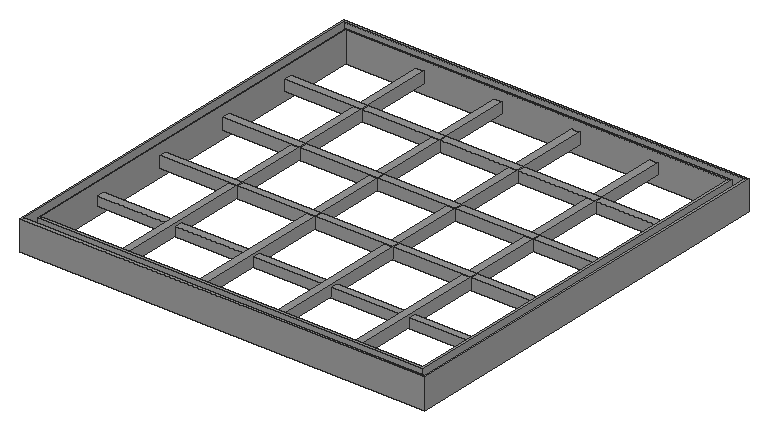
Revit family "CLD-WFD-007_WOODLITE_RFA", category Modelos genéricos, Revit 2022
Family settings
  Puede alojar armadura = No
  Cota de conector redondo = Diámetro de uso
  Tipo de pieza = Normal
  Se basa en plano de trabajo = No
  Siempre vertical = Sí
  Corte con vacíos al cargar = No
  Mantener orientación de anotación = No
  Compartido = No
  Punto de cálculo de habitación = No
Parameters
  Elevación por defecto = 0.00"
Reference planes (in)
  plane 1 "Centro (Frontal/Posterior)": y = 0
  plane 2: z = 0
  plane 3 "Centro (Izquierda/Derecha)": x = 0
Forms (in)
  Extrusion 1, solid, not visible
    sketch origin (0, 0, 0) x (1, 0, 0) y (0, 1, 0)
      loop
        line (0, 2.25) -> (0, 0) -> (108, 0) -> (108, 2.25) -> (0, 2.25)
    from 0 to 8
  Extrusion 2, solid, not visible
    sketch origin (0, 0, 0) x (1, 0, 0) y (0, 1, 0)
      loop
        line (0, 2.25) -> (0, 0) -> (108, 0) -> (108, 2.25) -> (0, 2.25)
    from 0 to 8
  Extrusion 3, solid, not visible
    sketch origin (0, 8, 0) x (1, 0, 0) y (0, 1, 0)
      loop
        line (0, 2.25) -> (0, 0) -> (108, 0) -> (108, 2.25) -> (0, 2.25)
    from 0 to 8
  Extrusion 4, solid, not visible
    sketch origin (0, 16, 0) x (1, 0, 0) y (0, 1, 0)
      loop
        line (0, 2.25) -> (0, 0) -> (108, 0) -> (108, 2.25) -> (0, 2.25)
    from 0 to 8
  Extrusion 5, solid, not visible
    sketch origin (0, 24, 0) x (1, 0, 0) y (0, 1, 0)
      loop
        line (0, 2.25) -> (0, 0) -> (108, 0) -> (108, 2.25) -> (0, 2.25)
    from 0 to 8
  Extrusion 6, solid, not visible
    sketch origin (0, 32, 0) x (1, 0, 0) y (0, 1, 0)
      loop
        line (0, 2.25) -> (0, 0) -> (108, 0) -> (108, 2.25) -> (0, 2.25)
    from 0 to 8
  Extrusion 7, solid, not visible
    sketch origin (0, 40, 0) x (1, 0, 0) y (0, 1, 0)
      loop
        line (0, 2.25) -> (0, 0) -> (108, 0) -> (108, 2.25) -> (0, 2.25)
    from 0 to 8
  Extrusion 8, solid, not visible
    sketch origin (0, 48, 0) x (1, 0, 0) y (0, 1, 0)
      loop
        line (0, 2.25) -> (0, 0) -> (108, 0) -> (108, 2.25) -> (0, 2.25)
    from 0 to 8
  Extrusion 9, solid, not visible
    sketch origin (0, 56, 0) x (1, 0, 0) y (0, 1, 0)
      loop
        line (0, 2.25) -> (0, 0) -> (108, 0) -> (108, 2.25) -> (0, 2.25)
    from 0 to 8
  Extrusion 10, solid, not visible
    sketch origin (0, 64, 0) x (1, 0, 0) y (0, 1, 0)
      loop
        line (0, 2.25) -> (0, 0) -> (108, 0) -> (108, 2.25) -> (0, 2.25)
    from 0 to 8
  Extrusion 11, solid, not visible
    sketch origin (0, 72, 0) x (1, 0, 0) y (0, 1, 0)
      loop
        line (0, 2.25) -> (0, 0) -> (108, 0) -> (108, 2.25) -> (0, 2.25)
    from 0 to 8
  Extrusion 12, solid, not visible
    sketch origin (0, 80, 0) x (1, 0, 0) y (0, 1, 0)
      loop
        line (0, 2.25) -> (0, 0) -> (108, 0) -> (108, 2.25) -> (0, 2.25)
    from 0 to 8
  Extrusion 13, solid, not visible
    sketch origin (0, 88, 0) x (1, 0, 0) y (0, 1, 0)
      loop
        line (0, 2.25) -> (0, 0) -> (108, 0) -> (108, 2.25) -> (0, 2.25)
    from 0 to 8
  Extrusion 14, solid, not visible
    sketch origin (0, 96, 0) x (1, 0, 0) y (0, 1, 0)
      loop
        line (0, 2.25) -> (0, 0) -> (108, 0) -> (108, 2.25) -> (0, 2.25)
    from 0 to 8
  Extrusion 15, solid, not visible
    sketch origin (0, 104, 0) x (1, 0, 0) y (0, 1, 0)
      loop
        line (0, 2.25) -> (0, 0) -> (108, 0) -> (108, 2.25) -> (0, 2.25)
    from 0 to 8
  Extrusion 16, solid, not visible
    sketch origin (0, 112, 0) x (1, 0, 0) y (0, 1, 0)
      loop
        line (0, 2.25) -> (0, 0) -> (108, 0) -> (108, 2.25) -> (0, 2.25)
    from 0 to 8
  Extrusion 17, solid, not visible
    sketch origin (0, 120, 0) x (1, 0, 0) y (0, 1, 0)
      loop
        line (0, 2.25) -> (0, 0) -> (108, 0) -> (108, 2.25) -> (0, 2.25)
    from 0 to 8
  Extrusion 18, solid, not visible
    sketch origin (0, 128, 0) x (1, 0, 0) y (0, 1, 0)
      loop
        line (0, 2.25) -> (0, 0) -> (108, 0) -> (108, 2.25) -> (0, 2.25)
    from 0 to 8
  Extrusion 19, solid, not visible
    sketch origin (0, 136, 0) x (1, 0, 0) y (0, 1, 0)
      loop
        line (0, 2.25) -> (0, 0) -> (108, 0) -> (108, 2.25) -> (0, 2.25)
    from 0 to 8
  Extrusion 20, solid, not visible
    sketch origin (0, 144, 0) x (1, 0, 0) y (0, 1, 0)
      loop
        line (0, 2.25) -> (0, 0) -> (108, 0) -> (108, 2.25) -> (0, 2.25)
    from 0 to 8
  Extrusion 21, solid, not visible
    sketch origin (0, 152, 0) x (1, 0, 0) y (0, 1, 0)
      loop
        line (0, 2.25) -> (0, 0) -> (108, 0) -> (108, 2.25) -> (0, 2.25)
    from 0 to 8
  Extrusion 22, solid, not visible
    sketch origin (109, 0, 0) x (1, 0, 0) y (0, 1, 0)
      loop
        line (0, 2.25) -> (0, 0) -> (108, 0) -> (108, 2.25) -> (0, 2.25)
    from 0 to 8
  Extrusion 23, solid, not visible
    sketch origin (109, 8, 0) x (1, 0, 0) y (0, 1, 0)
      loop
        line (0, 2.25) -> (0, 0) -> (108, 0) -> (108, 2.25) -> (0, 2.25)
    from 0 to 8
  Extrusion 24, solid, not visible
    sketch origin (109, 16, 0) x (1, 0, 0) y (0, 1, 0)
      loop
        line (0, 2.25) -> (0, 0) -> (108, 0) -> (108, 2.25) -> (0, 2.25)
    from 0 to 8
  Extrusion 25, solid, not visible
    sketch origin (109, 24, 0) x (1, 0, 0) y (0, 1, 0)
      loop
        line (0, 2.25) -> (0, 0) -> (108, 0) -> (108, 2.25) -> (0, 2.25)
    from 0 to 8
  Extrusion 26, solid, not visible
    sketch origin (109, 32, 0) x (1, 0, 0) y (0, 1, 0)
      loop
        line (0, 2.25) -> (0, 0) -> (108, 0) -> (108, 2.25) -> (0, 2.25)
    from 0 to 8
  Extrusion 27, solid, not visible
    sketch origin (109, 40, 0) x (1, 0, 0) y (0, 1, 0)
      loop
        line (0, 2.25) -> (0, 0) -> (108, 0) -> (108, 2.25) -> (0, 2.25)
    from 0 to 8
  Extrusion 28, solid, not visible
    sketch origin (109, 48, 0) x (1, 0, 0) y (0, 1, 0)
      loop
        line (0, 2.25) -> (0, 0) -> (108, 0) -> (108, 2.25) -> (0, 2.25)
    from 0 to 8
  Extrusion 29, solid, not visible
    sketch origin (109, 56, 0) x (1, 0, 0) y (0, 1, 0)
      loop
        line (0, 2.25) -> (0, 0) -> (108, 0) -> (108, 2.25) -> (0, 2.25)
    from 0 to 8
  Extrusion 30, solid, not visible
    sketch origin (109, 64, 0) x (1, 0, 0) y (0, 1, 0)
      loop
        line (0, 2.25) -> (0, 0) -> (108, 0) -> (108, 2.25) -> (0, 2.25)
    from 0 to 8
  Extrusion 31, solid, not visible
    sketch origin (109, 72, 0) x (1, 0, 0) y (0, 1, 0)
      loop
        line (0, 2.25) -> (0, 0) -> (108, 0) -> (108, 2.25) -> (0, 2.25)
    from 0 to 8
  Extrusion 32, solid, not visible
    sketch origin (109, 80, 0) x (1, 0, 0) y (0, 1, 0)
      loop
        line (0, 2.25) -> (0, 0) -> (108, 0) -> (108, 2.25) -> (0, 2.25)
    from 0 to 8
  Extrusion 33, solid, not visible
    sketch origin (109, 88, 0) x (1, 0, 0) y (0, 1, 0)
      loop
        line (0, 2.25) -> (0, 0) -> (108, 0) -> (108, 2.25) -> (0, 2.25)
    from 0 to 8
  Extrusion 34, solid, not visible
    sketch origin (109, 96, 0) x (1, 0, 0) y (0, 1, 0)
      loop
        line (0, 2.25) -> (0, 0) -> (108, 0) -> (108, 2.25) -> (0, 2.25)
    from 0 to 8
  Extrusion 35, solid, not visible
    sketch origin (109, 104, 0) x (1, 0, 0) y (0, 1, 0)
      loop
        line (0, 2.25) -> (0, 0) -> (108, 0) -> (108, 2.25) -> (0, 2.25)
    from 0 to 8
  Extrusion 36, solid, not visible
    sketch origin (109, 112, 0) x (1, 0, 0) y (0, 1, 0)
      loop
        line (0, 2.25) -> (0, 0) -> (108, 0) -> (108, 2.25) -> (0, 2.25)
    from 0 to 8
  Extrusion 37, solid, not visible
    sketch origin (109, 120, 0) x (1, 0, 0) y (0, 1, 0)
      loop
        line (0, 2.25) -> (0, 0) -> (108, 0) -> (108, 2.25) -> (0, 2.25)
    from 0 to 8
  Extrusion 38, solid, not visible
    sketch origin (109, 128, 0) x (1, 0, 0) y (0, 1, 0)
      loop
        line (0, 2.25) -> (0, 0) -> (108, 0) -> (108, 2.25) -> (0, 2.25)
    from 0 to 8
  Extrusion 39, solid, not visible
    sketch origin (109, 136, 0) x (1, 0, 0) y (0, 1, 0)
      loop
        line (0, 2.25) -> (0, 0) -> (108, 0) -> (108, 2.25) -> (0, 2.25)
    from 0 to 8
  Extrusion 40, solid, not visible
    sketch origin (109, 144, 0) x (1, 0, 0) y (0, 1, 0)
      loop
        line (0, 2.25) -> (0, 0) -> (108, 0) -> (108, 2.25) -> (0, 2.25)
    from 0 to 8
  Extrusion 41, solid, not visible
    sketch origin (109, 152, 0) x (1, 0, 0) y (0, 1, 0)
      loop
        line (0, 2.25) -> (0, 0) -> (108, 0) -> (108, 2.25) -> (0, 2.25)
    from 0 to 8
  Extrusion 42, solid, not visible
    sketch origin (-108, 0, 0) x (1, 0, 0) y (0, 1, 0)
      loop
        line (0, 2.25) -> (0, 0) -> (108, 0) -> (108, 2.25) -> (0, 2.25)
    from 0 to 8
  Extrusion 43, solid, not visible
    sketch origin (-108, 8, 0) x (1, 0, 0) y (0, 1, 0)
      loop
        line (0, 2.25) -> (0, 0) -> (108, 0) -> (108, 2.25) -> (0, 2.25)
    from 0 to 8
  Extrusion 44, solid, not visible
    sketch origin (-108, 16, 0) x (1, 0, 0) y (0, 1, 0)
      loop
        line (0, 2.25) -> (0, 0) -> (108, 0) -> (108, 2.25) -> (0, 2.25)
    from 0 to 8
  Extrusion 45, solid, not visible
    sketch origin (-108, 24, 0) x (1, 0, 0) y (0, 1, 0)
      loop
        line (0, 2.25) -> (0, 0) -> (108, 0) -> (108, 2.25) -> (0, 2.25)
    from 0 to 8
  Extrusion 46, solid, not visible
    sketch origin (-108, 32, 0) x (1, 0, 0) y (0, 1, 0)
      loop
        line (0, 2.25) -> (0, 0) -> (108, 0) -> (108, 2.25) -> (0, 2.25)
    from 0 to 8
  Extrusion 47, solid, not visible
    sketch origin (-108, 40, 0) x (1, 0, 0) y (0, 1, 0)
      loop
        line (0, 2.25) -> (0, 0) -> (108, 0) -> (108, 2.25) -> (0, 2.25)
    from 0 to 8
  Extrusion 48, solid, not visible
    sketch origin (1, 0, 0) x (1, 0, 0) y (0, 1, 0)
      loop
        line (0, 2.25) -> (0, 0) -> (108, 0) -> (108, 2.25) -> (0, 2.25)
    from 0 to 8
  Extrusion 49, solid, not visible
    sketch origin (1, 8, 0) x (1, 0, 0) y (0, 1, 0)
      loop
        line (0, 2.25) -> (0, 0) -> (108, 0) -> (108, 2.25) -> (0, 2.25)
    from 0 to 8
  Extrusion 50, solid, not visible
    sketch origin (1, 16, 0) x (1, 0, 0) y (0, 1, 0)
      loop
        line (0, 2.25) -> (0, 0) -> (108, 0) -> (108, 2.25) -> (0, 2.25)
    from 0 to 8
  Extrusion 51, solid, not visible
    sketch origin (1, 24, 0) x (1, 0, 0) y (0, 1, 0)
      loop
        line (0, 2.25) -> (0, 0) -> (108, 0) -> (108, 2.25) -> (0, 2.25)
    from 0 to 8
  Extrusion 52, solid, not visible
    sketch origin (1, 32, 0) x (1, 0, 0) y (0, 1, 0)
      loop
        line (0, 2.25) -> (0, 0) -> (108, 0) -> (108, 2.25) -> (0, 2.25)
    from 0 to 8
  Extrusion 53, solid, not visible
    sketch origin (1, 40, 0) x (1, 0, 0) y (0, 1, 0)
      loop
        line (0, 2.25) -> (0, 0) -> (108, 0) -> (108, 2.25) -> (0, 2.25)
    from 0 to 8
  Extrusion 54, solid, not visible
    sketch origin (-108, 48, 0) x (1, 0, 0) y (0, 1, 0)
      loop
        line (0, 2.25) -> (0, 0) -> (108, 0) -> (108, 2.25) -> (0, 2.25)
    from 0 to 8
  Extrusion 55, solid, not visible
    sketch origin (-108, 56, 0) x (1, 0, 0) y (0, 1, 0)
      loop
        line (0, 2.25) -> (0, 0) -> (108, 0) -> (108, 2.25) -> (0, 2.25)
    from 0 to 8
  Extrusion 56, solid, not visible
    sketch origin (-108, 64, 0) x (1, 0, 0) y (0, 1, 0)
      loop
        line (0, 2.25) -> (0, 0) -> (108, 0) -> (108, 2.25) -> (0, 2.25)
    from 0 to 8
  Extrusion 57, solid, not visible
    sketch origin (-108, 72, 0) x (1, 0, 0) y (0, 1, 0)
      loop
        line (0, 2.25) -> (0, 0) -> (108, 0) -> (108, 2.25) -> (0, 2.25)
    from 0 to 8
  Extrusion 58, solid, not visible
    sketch origin (-108, 80, 0) x (1, 0, 0) y (0, 1, 0)
      loop
        line (0, 2.25) -> (0, 0) -> (108, 0) -> (108, 2.25) -> (0, 2.25)
    from 0 to 8
  Extrusion 59, solid, not visible
    sketch origin (1, 48, 0) x (1, 0, 0) y (0, 1, 0)
      loop
        line (0, 2.25) -> (0, 0) -> (108, 0) -> (108, 2.25) -> (0, 2.25)
    from 0 to 8
  Extrusion 60, solid, not visible
    sketch origin (1, 56, 0) x (1, 0, 0) y (0, 1, 0)
      loop
        line (0, 2.25) -> (0, 0) -> (108, 0) -> (108, 2.25) -> (0, 2.25)
    from 0 to 8
  Extrusion 61, solid, not visible
    sketch origin (1, 64, 0) x (1, 0, 0) y (0, 1, 0)
      loop
        line (0, 2.25) -> (0, 0) -> (108, 0) -> (108, 2.25) -> (0, 2.25)
    from 0 to 8
  Extrusion 62, solid, not visible
    sketch origin (1, 72, 0) x (1, 0, 0) y (0, 1, 0)
      loop
        line (0, 2.25) -> (0, 0) -> (108, 0) -> (108, 2.25) -> (0, 2.25)
    from 0 to 8
  Extrusion 63, solid, not visible
    sketch origin (1, 80, 0) x (1, 0, 0) y (0, 1, 0)
      loop
        line (0, 2.25) -> (0, 0) -> (108, 0) -> (108, 2.25) -> (0, 2.25)
    from 0 to 8
  Extrusion 64, solid, not visible
    sketch origin (-108, 88, 0) x (1, 0, 0) y (0, 1, 0)
      loop
        line (0, 2.25) -> (0, 0) -> (108, 0) -> (108, 2.25) -> (0, 2.25)
    from 0 to 8
  Extrusion 65, solid, not visible
    sketch origin (-108, 96, 0) x (1, 0, 0) y (0, 1, 0)
      loop
        line (0, 2.25) -> (0, 0) -> (108, 0) -> (108, 2.25) -> (0, 2.25)
    from 0 to 8
  Extrusion 66, solid, not visible
    sketch origin (-108, 104, 0) x (1, 0, 0) y (0, 1, 0)
      loop
        line (0, 2.25) -> (0, 0) -> (108, 0) -> (108, 2.25) -> (0, 2.25)
    from 0 to 8
  Extrusion 67, solid, not visible
    sketch origin (-108, 112, 0) x (1, 0, 0) y (0, 1, 0)
      loop
        line (0, 2.25) -> (0, 0) -> (108, 0) -> (108, 2.25) -> (0, 2.25)
    from 0 to 8
  Extrusion 68, solid, not visible
    sketch origin (-108, 120, 0) x (1, 0, 0) y (0, 1, 0)
      loop
        line (0, 2.25) -> (0, 0) -> (108, 0) -> (108, 2.25) -> (0, 2.25)
    from 0 to 8
  Extrusion 69, solid, not visible
    sketch origin (1, 88, 0) x (1, 0, 0) y (0, 1, 0)
      loop
        line (0, 2.25) -> (0, 0) -> (108, 0) -> (108, 2.25) -> (0, 2.25)
    from 0 to 8
  Extrusion 70, solid, not visible
    sketch origin (1, 96, 0) x (1, 0, 0) y (0, 1, 0)
      loop
        line (0, 2.25) -> (0, 0) -> (108, 0) -> (108, 2.25) -> (0, 2.25)
    from 0 to 8
  Extrusion 71, solid, not visible
    sketch origin (1, 104, 0) x (1, 0, 0) y (0, 1, 0)
      loop
        line (0, 2.25) -> (0, 0) -> (108, 0) -> (108, 2.25) -> (0, 2.25)
    from 0 to 8
  Extrusion 72, solid, not visible
    sketch origin (1, 112, 0) x (1, 0, 0) y (0, 1, 0)
      loop
        line (0, 2.25) -> (0, 0) -> (108, 0) -> (108, 2.25) -> (0, 2.25)
    from 0 to 8
  Extrusion 73, solid, not visible
    sketch origin (1, 120, 0) x (1, 0, 0) y (0, 1, 0)
      loop
        line (0, 2.25) -> (0, 0) -> (108, 0) -> (108, 2.25) -> (0, 2.25)
    from 0 to 8
  Extrusion 74, solid, not visible
    sketch origin (-108, 128, 0) x (1, 0, 0) y (0, 1, 0)
      loop
        line (0, 2.25) -> (0, 0) -> (108, 0) -> (108, 2.25) -> (0, 2.25)
    from 0 to 8
  Extrusion 75, solid, not visible
    sketch origin (-108, 136, 0) x (1, 0, 0) y (0, 1, 0)
      loop
        line (0, 2.25) -> (0, 0) -> (108, 0) -> (108, 2.25) -> (0, 2.25)
    from 0 to 8
  Extrusion 76, solid, not visible
    sketch origin (-108, 144, 0) x (1, 0, 0) y (0, 1, 0)
      loop
        line (0, 2.25) -> (0, 0) -> (108, 0) -> (108, 2.25) -> (0, 2.25)
    from 0 to 8
  Extrusion 77, solid, not visible
    sketch origin (-108, 152, 0) x (1, 0, 0) y (0, 1, 0)
      loop
        line (0, 2.25) -> (0, 0) -> (108, 0) -> (108, 2.25) -> (0, 2.25)
    from 0 to 8
  Extrusion 78, solid, not visible
    sketch origin (-108, 160, 0) x (1, 0, 0) y (0, 1, 0)
      loop
        line (0, 2.25) -> (0, 0) -> (108, 0) -> (108, 2.25) -> (0, 2.25)
    from 0 to 8
  Extrusion 79, solid, not visible
    sketch origin (1, 128, 0) x (1, 0, 0) y (0, 1, 0)
      loop
        line (0, 2.25) -> (0, 0) -> (108, 0) -> (108, 2.25) -> (0, 2.25)
    from 0 to 8
  Extrusion 80, solid, not visible
    sketch origin (1, 136, 0) x (1, 0, 0) y (0, 1, 0)
      loop
        line (0, 2.25) -> (0, 0) -> (108, 0) -> (108, 2.25) -> (0, 2.25)
    from 0 to 8
  Extrusion 81, solid, not visible
    sketch origin (1, 144, 0) x (1, 0, 0) y (0, 1, 0)
      loop
        line (0, 2.25) -> (0, 0) -> (108, 0) -> (108, 2.25) -> (0, 2.25)
    from 0 to 8
  Extrusion 82, solid, not visible
    sketch origin (1, 152, 0) x (1, 0, 0) y (0, 1, 0)
      loop
        line (0, 2.25) -> (0, 0) -> (108, 0) -> (108, 2.25) -> (0, 2.25)
    from 0 to 8
  Extrusion 83, solid, not visible
    sketch origin (1, 160, 0) x (1, 0, 0) y (0, 1, 0)
      loop
        line (0, 2.25) -> (0, 0) -> (108, 0) -> (108, 2.25) -> (0, 2.25)
    from 0 to 8
  Extrusion 84, solid, not visible
    sketch origin (0, 0, 0) x (1, 0, 0) y (0, 1, 0)
      loop
        line (0, 3) -> (0, 0) -> (108, 0) -> (108, 3) -> (0, 3)
    from 0 to 8
  Extrusion 85, void, not visible
    sketch origin (0, 0, 0) x (1, 0, 0) y (0, 1, 0)
      loop
        line (6, 2) -> (6, 1) -> (66, 1) -> (66, 2) -> (6, 2)
    from 0 to 1.03
  Extrusion 86, solid, not visible
    sketch origin (0, 0, 0) x (1, 0, 0) y (0, 1, 0)
      loop
        line (0, 3) -> (0, 0) -> (108, 0) -> (108, 3) -> (0, 3)
    from 0 to 8
  Extrusion 87, void, not visible
    sketch origin (0, 0, 0) x (1, 0, 0) y (0, 1, 0)
      loop
        line (6, 2) -> (6, 1) -> (66, 1) -> (66, 2) -> (6, 2)
    from 0 to 1.03
  Extrusion 88, solid, not visible
    sketch origin (0, 0, 0) x (1, 0, 0) y (0, 1, 0)
      loop
        line (6, 2) -> (6, 1) -> (66, 1) -> (66, 2) -> (6, 2)
    from 0 to 1.03
  Extrusion 89, solid, not visible
    sketch origin (0, 32, 0) x (1, 0, 0) y (0, 1, 0)
      loop
        line (0, 3) -> (0, 0) -> (108, 0) -> (108, 3) -> (0, 3)
    from 0 to 8
  Extrusion 90, void, not visible
    sketch origin (0, 32, 0) x (1, 0, 0) y (0, 1, 0)
      loop
        line (6, 2) -> (6, 1) -> (102, 1) -> (102, 2) -> (6, 2)
    from 0 to 1.03
  Extrusion 91, solid, not visible
    sketch origin (8.95842, -18.67436, 0) x (1, 0, 0) y (0, 1, 0)
      loop
        line (-8.48642, 97.64679) -> (-8.48642, 97.17436) -> (98.56914, 97.17436) -> (98.56914, 97.64679) -> (-8.48642, 97.64679)
    from 0.59055 to 8
  Extrusion 92, solid, not visible
    sketch origin (8.95842, -16.6468, 0) x (1, 0, 0) y (0, 1, 0)
      loop
        line (-8.48642, 97.64679) -> (-8.48642, 97.17436) -> (98.56914, 97.17436) -> (98.56914, 97.64679) -> (-8.48642, 97.64679)
    from 0.59055 to 8
  Extrusion 93, solid, not visible
    sketch origin (60.46912, 110.28574, 0) x (1, 0, 0) y (0, 1, 0)
      loop
        line (45.03088, -29.28574) -> (-57.96911, -29.28574) -> (-57.96911, -31.78574) -> (45.03088, -31.78574) -> (45.03088, -29.28574)
      loop
        line (23.78088, -31.03574) -> (41.78088, -31.03574) -> (41.78088, -30.03574) -> (23.78088, -30.03574) -> (23.78088, -31.03574)
      loop
        line (-54.71912, -31.03574) -> (-36.71912, -31.03574) -> (-36.71912, -30.03574) -> (-54.71912, -30.03574) -> (-54.71912, -31.03574)
    from 0 to 0.59055
  Extrusion 94, solid, not visible
    sketch origin (108, 51.5, 0) x (0, 1, 0) y (-1, 0, 0)
      loop
        line (27.75, 102.25) -> (27.75, 84.25) -> (28.75, 84.25) -> (28.75, 102.25) -> (27.75, 102.25)
    from 0 to 1
  Extrusion 95, solid, not visible
    sketch origin (186.5, 51.5, 0) x (0, 1, 0) y (-1, 0, 0)
      loop
        line (27.75, 102.25) -> (27.75, 84.25) -> (28.75, 84.25) -> (28.75, 102.25) -> (27.75, 102.25)
    from 0 to 1
  Extrusion 96, solid, not visible
    sketch origin (8.95842, -44.42438, 0) x (1, 0, 0) y (0, 1, 0)
      loop
        line (-8.48642, 97.64679) -> (-8.48642, 97.17436) -> (98.56914, 97.17436) -> (98.56914, 97.64679) -> (-8.48642, 97.64679)
    from 0.59055 to 8
  Extrusion 97, solid, not visible
    sketch origin (8.95842, -42.39682, 0) x (1, 0, 0) y (0, 1, 0)
      loop
        line (-8.48642, 97.64679) -> (-8.48642, 97.17436) -> (98.56914, 97.17436) -> (98.56914, 97.64679) -> (-8.48642, 97.64679)
    from 0.59055 to 8
  Extrusion 98, solid, not visible
    sketch origin (60.46912, 84.53571, 0) x (1, 0, 0) y (0, 1, 0)
      loop
        line (45.03088, -29.28574) -> (-57.96911, -29.28574) -> (-57.96911, -31.78574) -> (45.03088, -31.78574) -> (45.03088, -29.28574)
      loop
        line (-28.96912, -31.03574) -> (-10.96912, -31.03574) -> (-10.96912, -30.03574) -> (-28.96912, -30.03574) -> (-28.96912, -31.03574)
      loop
        line (-3.21912, -31.03571) -> (14.78088, -31.03571) -> (14.78088, -30.03571) -> (-3.21912, -30.03571) -> (-3.21912, -31.03571)
    from 0 to 0.59055
  Extrusion 99, solid, not visible
    sketch origin (133.74998, 25.74998, 0) x (0, 1, 0) y (-1, 0, 0)
      loop
        line (27.75, 102.25) -> (27.75, 84.25) -> (28.75, 84.25) -> (28.75, 102.25) -> (27.75, 102.25)
    from 0 to 1
  Extrusion 100, solid, not visible
    sketch origin (159.49998, 25.74998, 0) x (0, 1, 0) y (-1, 0, 0)
      loop
        line (27.75, 102.25) -> (27.75, 84.25) -> (28.75, 84.25) -> (28.75, 102.25) -> (27.75, 102.25)
    from 0 to 1
  Extrusion 101, solid, not visible
    sketch origin (8.95842, -70.17436, 0) x (1, 0, 0) y (0, 1, 0)
      loop
        line (-8.48642, 97.64679) -> (-8.48642, 97.17436) -> (98.56914, 97.17436) -> (98.56914, 97.64679) -> (-8.48642, 97.64679)
    from 0.59055 to 8
  Extrusion 102, solid, not visible
    sketch origin (8.95842, -68.1468, 0) x (1, 0, 0) y (0, 1, 0)
      loop
        line (-8.48642, 97.64679) -> (-8.48642, 97.17436) -> (98.56914, 97.17436) -> (98.56914, 97.64679) -> (-8.48642, 97.64679)
    from 0.59055 to 8
  Extrusion 103, solid, not visible
    sketch origin (60.46912, 58.78574, 0) x (1, 0, 0) y (0, 1, 0)
      loop
        line (45.03088, -29.28574) -> (-57.96911, -29.28574) -> (-57.96911, -31.78574) -> (45.03088, -31.78574) -> (45.03088, -29.28574)
      loop
        line (23.78088, -31.03574) -> (41.78088, -31.03574) -> (41.78088, -30.03574) -> (23.78088, -30.03574) -> (23.78088, -31.03574)
      loop
        line (-54.71912, -31.03574) -> (-36.71912, -31.03574) -> (-36.71912, -30.03574) -> (-54.71912, -30.03574) -> (-54.71912, -31.03574)
    from 0 to 0.59055
  Extrusion 104, solid, not visible
    sketch origin (108, 0, 0) x (0, 1, 0) y (-1, 0, 0)
      loop
        line (27.75, 102.25) -> (27.75, 84.25) -> (28.75, 84.25) -> (28.75, 102.25) -> (27.75, 102.25)
    from 0 to 1
  Extrusion 105, solid, not visible
    sketch origin (186.5, 0, 0) x (0, 1, 0) y (-1, 0, 0)
      loop
        line (27.75, 102.25) -> (27.75, 84.25) -> (28.75, 84.25) -> (28.75, 102.25) -> (27.75, 102.25)
    from 0 to 1
  Extrusion 106, solid, not visible
    sketch origin (-70.17436, 99.04114, 0) x (0, -1, 0) y (1, 0, 0)
      loop
        line (-8.48642, 97.64679) -> (-8.48642, 97.17436) -> (98.56914, 97.17436) -> (98.56914, 97.64679) -> (-8.48642, 97.64679)
    from 0.59055 to 8
  Extrusion 107, solid, not visible
    sketch origin (-68.1468, 99.04114, 0) x (0, -1, 0) y (1, 0, 0)
      loop
        line (-8.48642, 97.64679) -> (-8.48642, 97.17436) -> (98.56914, 97.17436) -> (98.56914, 97.64679) -> (-8.48642, 97.64679)
    from 0.59055 to 8
  Extrusion 108, solid, not visible
    sketch origin (-2.28571, 86.21912, 0) x (0, 1, 0) y (-1, 0, 0)
      loop
        line (19.28088, -29.28574) -> (-83.71912, -29.28574) -> (-83.71912, -31.78574) -> (19.28088, -31.78574) -> (19.28088, -29.28574)
      loop
        line (16.03088, -31.03571) -> (16.03088, -30.03571) -> (-1.96912, -30.03571) -> (-1.96912, -31.03571) -> (16.03088, -31.03571)
      loop
        line (-62.46912, -31.03571) -> (-62.46912, -30.03571) -> (-80.46912, -30.03571) -> (-80.46912, -31.03571) -> (-62.46912, -31.03571)
    from 0 to 0.59055
  Extrusion 109, solid, not visible
    sketch origin (0, 0, 0) x (1, 0, 0) y (0, 1, 0)
      loop
        line (27.75, 102.25) -> (27.75, 84.25) -> (28.75, 84.25) -> (28.75, 102.25) -> (27.75, 102.25)
    from 0 to 1
  Extrusion 110, solid, not visible
    sketch origin (0, -78.5, 0) x (1, 0, 0) y (0, 1, 0)
      loop
        line (27.75, 102.25) -> (27.75, 84.25) -> (28.75, 84.25) -> (28.75, 102.25) -> (27.75, 102.25)
    from 0 to 1
  Extrusion 111, solid, not visible
    sketch origin (-44.89438, 99.04114, 0) x (0, -1, 0) y (1, 0, 0)
      loop
        line (-8.48642, 97.64679) -> (-8.48642, 97.17436) -> (98.56914, 97.17436) -> (98.56914, 97.64679) -> (-8.48642, 97.64679)
    from 0.59055 to 8
  Extrusion 112, solid, not visible
    sketch origin (-42.39682, 99.04114, 0) x (0, -1, 0) y (1, 0, 0)
      loop
        line (-8.48642, 97.64679) -> (-8.48642, 97.17436) -> (98.56914, 97.17436) -> (98.56914, 97.64679) -> (-8.48642, 97.64679)
    from 0.59055 to 8
  Extrusion 113, solid, not visible
    sketch origin (23.46427, 86.21912, 0) x (0, 1, 0) y (-1, 0, 0)
      loop
        line (19.28088, -28.81571) -> (-83.71912, -28.81571) -> (-83.71912, -31.78574) -> (19.28088, -31.78574) -> (19.28088, -28.81571)
      loop
        line (-28.96912, -29.78573) -> (-28.96912, -30.78571) -> (-10.96912, -30.78571) -> (-10.96912, -29.78573) -> (-28.96912, -29.78573)
      loop
        line (-54.71914, -29.78573) -> (-54.71914, -30.78573) -> (-36.71914, -30.78573) -> (-36.71914, -29.78573) -> (-54.71914, -29.78573)
    from 0 to 0.59055
  Extrusion 114, solid, not visible
    sketch origin (25.74998, -27, 0) x (1, 0, 0) y (0, 1, 0)
      loop
        line (27.50002, 102.25) -> (27.50002, 84.25) -> (28.5, 84.25) -> (28.5, 102.25) -> (27.50002, 102.25)
    from 0 to 1
  Extrusion 115, solid, not visible
    sketch origin (25.74998, -52.75002, 0) x (1, 0, 0) y (0, 1, 0)
      loop
        line (27.50002, 102.25) -> (27.50002, 84.25) -> (28.50002, 84.25) -> (28.50002, 102.25) -> (27.50002, 102.25)
    from 0 to 1
  Extrusion 116, solid, not visible
    sketch origin (-18.67436, 99.04114, 0) x (0, -1, 0) y (1, 0, 0)
      loop
        line (-8.48642, 97.64679) -> (-8.48642, 97.17436) -> (98.56914, 97.17436) -> (98.56914, 97.64679) -> (-8.48642, 97.64679)
    from 0.59055 to 8
  Extrusion 117, solid, not visible
    sketch origin (-16.6468, 99.04114, 0) x (0, -1, 0) y (1, 0, 0)
      loop
        line (-8.48642, 97.64679) -> (-8.48642, 97.17436) -> (98.56914, 97.17436) -> (98.56914, 97.64679) -> (-8.48642, 97.64679)
    from 0.59055 to 8
  Extrusion 118, solid, not visible
    sketch origin (49.21426, 86.21912, 0) x (0, 1, 0) y (-1, 0, 0)
      loop
        line (19.28088, -29.28574) -> (-83.71912, -29.28574) -> (-83.71912, -31.78574) -> (19.28088, -31.78574) -> (19.28088, -29.28574)
      loop
        line (16.03088, -31.03571) -> (16.03088, -30.03571) -> (-1.96912, -30.03571) -> (-1.96912, -31.03571) -> (16.03088, -31.03571)
      loop
        line (-62.46912, -31.03571) -> (-62.46912, -30.03571) -> (-80.46912, -30.03571) -> (-80.46912, -31.03571) -> (-62.46912, -31.03571)
    from 0 to 0.59055
  Extrusion 119, solid, not visible
    sketch origin (51.49997, 0, 0) x (1, 0, 0) y (0, 1, 0)
      loop
        line (27.75, 102.25) -> (27.75, 84.25) -> (28.75, 84.25) -> (28.75, 102.25) -> (27.75, 102.25)
    from 0 to 1
  Extrusion 120, solid, not visible
    sketch origin (51.49997, -78.5, 0) x (1, 0, 0) y (0, 1, 0)
      loop
        line (27.75, 102.25) -> (27.75, 84.25) -> (28.75, 84.25) -> (28.75, 102.25) -> (27.75, 102.25)
    from 0 to 1
  Extrusion 121, solid, not visible
    sketch origin (10.23509, 91.82771, 0) x (0, -1, 0) y (1, 0, 0)
      loop
        line (-16.17229, 97.76491) -> (-15.69986, 97.29248) -> (91.35527, 97.29248) -> (91.82771, 97.76491) -> (-16.17229, 97.76491)
    from 0.59055 to 8
  Extrusion 122, solid, not visible
    sketch origin (137.28574, 61.88413, 0) x (0, 1, 0) y (-1, 0, 0)
      loop
        line (46.11587, 29.28574) -> (43.61587, 31.78574) -> (-59.38412, 31.78574) -> (-61.88412, 29.28574) -> (46.11587, 29.28574)
    from 0 to 0.59055
  Extrusion 123, solid, not visible
    sketch origin (8.20754, 91.82771, 0) x (0, -1, 0) y (1, 0, 0)
      loop
        line (-14.14474, 97.76491) -> (-13.67231, 97.29248) -> (89.32772, 97.29248) -> (89.80016, 97.76491) -> (-14.14474, 97.76491)
    from 0.59055 to 8.22418
  Extrusion 124, solid, not visible
    sketch origin (18.95842, 10.23509, 0) x (1, 0, 0) y (0, 1, 0)
      loop
        line (-18.95842, 97.76491) -> (-18.48598, 97.29247) -> (88.56914, 97.29247) -> (89.04158, 97.76491) -> (-18.95842, 97.76491)
    from 0.59055 to 8
  Extrusion 125, solid, not visible
    sketch origin (61.88413, 137.28574, 0) x (1, 0, 0) y (0, 1, 0)
      loop
        line (46.11587, -29.28574) -> (-61.88412, -29.28574) -> (-59.38412, -31.78574) -> (43.61587, -31.78574) -> (46.11587, -29.28574)
    from 0 to 0.59055
  Extrusion 126, solid, not visible
    sketch origin (18.95842, 8.20753, 0) x (1, 0, 0) y (0, 1, 0)
      loop
        line (-16.93086, 97.76491) -> (-16.45842, 97.29247) -> (86.54158, 97.29247) -> (87.01402, 97.76491) -> (-16.93086, 97.76491)
    from 0.59055 to 8
  Extrusion 127, solid, not visible
    sketch origin (-101.24865, 87.31603, 0) x (0, -1, 0) y (1, 0, 0)
      loop
        line (-20.21152, 101.72109) -> (-20.68397, 101.24865) -> (87.31604, 101.24865) -> (86.84359, 101.72109) -> (-20.21152, 101.72109)
    from 0.47244 to 8
  Extrusion 128, solid, not visible
    sketch origin (-29.28573, 61.88413, 0) x (0, 1, 0) y (-1, 0, 0)
      loop
        line (46.11587, -29.28574) -> (-61.88412, -29.28574) -> (-59.38412, -31.78574) -> (43.61587, -31.78574) -> (46.11587, -29.28574)
    from 0 to 0.59055
  Extrusion 129, solid, not visible
    sketch origin (-99.22109, 87.31603, 0) x (0, -1, 0) y (1, 0, 0)
      loop
        line (-18.18396, 101.72109) -> (-18.65641, 101.24865) -> (85.28848, 101.24865) -> (84.81603, 101.72109) -> (-18.18396, 101.72109)
    from 0.47244 to 8
  Extrusion 130, solid, not visible
    sketch origin (61.88413, -29.28574, 0) x (1, 0, 0) y (0, 1, 0)
      loop
        line (46.11587, 29.28574) -> (43.61587, 31.78574) -> (-59.38412, 31.78574) -> (-61.88412, 29.28574) -> (46.11587, 29.28574)
    from 0 to 0.47244
  Extrusion 131, solid, not visible
    sketch origin (8.95842, -97.17435, 0) x (1, 0, 0) y (0, 1, 0)
      loop
        line (-8.48598, 97.64679) -> (-8.95842, 97.17436) -> (99.04157, 97.17436) -> (98.56914, 97.64679) -> (-8.48598, 97.64679)
    from 0.59055 to 8
  Extrusion 132, solid, not visible
    sketch origin (8.95842, -95.14679, 0) x (1, 0, 0) y (0, 1, 0)
      loop
        line (-6.45842, 97.64679) -> (-6.93085, 97.17436) -> (97.01401, 97.17436) -> (96.54158, 97.64679) -> (-6.45842, 97.64679)
    from 0.59055 to 8
  Extrusion 133, solid, not visible
    sketch origin (61.88413, -29.28574, 0) x (1, 0, 0) y (0, 1, 0)
      loop
        line (46.11587, 29.28574) -> (43.61587, 31.78574) -> (-59.38412, 31.78574) -> (-61.88412, 29.28574) -> (46.11587, 29.28574)
    from 0 to 0.47244
  Extrusion 134, solid, not visible
    sketch origin (18.95842, 10.23509, 0) x (1, 0, 0) y (0, 1, 0)
      loop
        line (-18.95842, 97.76491) -> (-18.48598, 97.29247) -> (88.56914, 97.29247) -> (89.04158, 97.76491) -> (-18.95842, 97.76491)
    from 0.59055 to 8
  Extrusion 135, solid, not visible
    sketch origin (8.95842, -97.17435, 0) x (1, 0, 0) y (0, 1, 0)
      loop
        line (-8.48598, 97.64679) -> (-8.95842, 97.17436) -> (99.04157, 97.17436) -> (98.56914, 97.64679) -> (-8.48598, 97.64679)
    from 0.59055 to 8
  Extrusion 136, solid, not visible
    sketch origin (10.23509, 91.82771, 0) x (0, -1, 0) y (1, 0, 0)
      loop
        line (-16.17229, 97.76491) -> (-15.69986, 97.29248) -> (91.35527, 97.29248) -> (91.82771, 97.76491) -> (-16.17229, 97.76491)
    from 0.59055 to 8
  Extrusion 137, solid, not visible
    sketch origin (-101.24865, 87.31603, 0) x (0, -1, 0) y (1, 0, 0)
      loop
        line (-20.21152, 101.72109) -> (-20.68397, 101.24865) -> (87.31604, 101.24865) -> (86.84359, 101.72109) -> (-20.21152, 101.72109)
    from 0.47244 to 8
  Extrusion 138, solid, not visible
    sketch origin (61.88413, 137.28574, 0) x (1, 0, 0) y (0, 1, 0)
      loop
        line (46.11587, -29.28574) -> (-61.88412, -29.28574) -> (-59.38412, -31.78574) -> (43.61587, -31.78574) -> (46.11587, -29.28574)
    from 0 to 0.59055
  Extrusion 139, solid, not visible
    sketch origin (-29.28573, 61.88413, 0) x (0, 1, 0) y (-1, 0, 0)
      loop
        line (46.11587, -29.28574) -> (-61.88412, -29.28574) -> (-59.38412, -31.78574) -> (43.61587, -31.78574) -> (46.11587, -29.28574)
    from 0 to 0.59055
  Extrusion 140, solid, not visible
    sketch origin (137.28574, 61.88413, 0) x (0, 1, 0) y (-1, 0, 0)
      loop
        line (46.11587, 29.28574) -> (43.61587, 31.78574) -> (-59.38412, 31.78574) -> (-61.88412, 29.28574) -> (46.11587, 29.28574)
    from 0 to 0.59055
  Extrusion 141, solid, not visible
    sketch origin (8.95842, -95.14679, 0) x (1, 0, 0) y (0, 1, 0)
      loop
        line (-6.45842, 97.64679) -> (-6.93085, 97.17436) -> (97.01401, 97.17436) -> (96.54158, 97.64679) -> (-6.45842, 97.64679)
    from 0.59055 to 8
  Extrusion 142, solid, not visible
    sketch origin (-99.22109, 87.31603, 0) x (0, -1, 0) y (1, 0, 0)
      loop
        line (-18.18396, 101.72109) -> (-18.65641, 101.24865) -> (85.28848, 101.24865) -> (84.81603, 101.72109) -> (-18.18396, 101.72109)
    from 0.47244 to 8
  Extrusion 143, solid, not visible
    sketch origin (18.95842, 8.20753, 0) x (1, 0, 0) y (0, 1, 0)
      loop
        line (-16.93086, 97.76491) -> (-16.45842, 97.29247) -> (86.54158, 97.29247) -> (87.01402, 97.76491) -> (-16.93086, 97.76491)
    from 0.59055 to 8
  Extrusion 144, solid, not visible
    sketch origin (8.20754, 91.82771, 0) x (0, -1, 0) y (1, 0, 0)
      loop
        line (-14.14474, 97.76491) -> (-13.67231, 97.29248) -> (89.32772, 97.29248) -> (89.80016, 97.76491) -> (-14.14474, 97.76491)
    from 0.59055 to 8.22418
  Extrusion 145, solid, not visible
    sketch origin (8.95842, -70.17436, 0) x (1, 0, 0) y (0, 1, 0)
      loop
        line (-8.48642, 97.64679) -> (-8.48642, 97.17436) -> (98.56914, 97.17436) -> (98.56914, 97.64679) -> (-8.48642, 97.64679)
    from 0.59055 to 8
  Extrusion 146, solid, not visible
    sketch origin (8.95842, -68.1468, 0) x (1, 0, 0) y (0, 1, 0)
      loop
        line (-8.48642, 97.64679) -> (-8.48642, 97.17436) -> (98.56914, 97.17436) -> (98.56914, 97.64679) -> (-8.48642, 97.64679)
    from 0.59055 to 8
  Extrusion 147, solid, not visible
    sketch origin (8.95842, -44.42438, 0) x (1, 0, 0) y (0, 1, 0)
      loop
        line (-8.48642, 97.64679) -> (-8.48642, 97.17436) -> (98.56914, 97.17436) -> (98.56914, 97.64679) -> (-8.48642, 97.64679)
    from 0.59055 to 8
  Extrusion 148, solid, not visible
    sketch origin (8.95842, -42.39682, 0) x (1, 0, 0) y (0, 1, 0)
      loop
        line (-8.48642, 97.64679) -> (-8.48642, 97.17436) -> (98.56914, 97.17436) -> (98.56914, 97.64679) -> (-8.48642, 97.64679)
    from 0.59055 to 8
  Extrusion 149, solid, not visible
    sketch origin (8.95842, -18.67436, 0) x (1, 0, 0) y (0, 1, 0)
      loop
        line (-8.48642, 97.64679) -> (-8.48642, 97.17436) -> (98.56914, 97.17436) -> (98.56914, 97.64679) -> (-8.48642, 97.64679)
    from 0.59055 to 8
  Extrusion 150, solid, not visible
    sketch origin (8.95842, -16.6468, 0) x (1, 0, 0) y (0, 1, 0)
      loop
        line (-8.48642, 97.64679) -> (-8.48642, 97.17436) -> (98.56914, 97.17436) -> (98.56914, 97.64679) -> (-8.48642, 97.64679)
    from 0.59055 to 8
  Extrusion 151, solid, not visible
    sketch origin (-70.17436, 99.04114, 0) x (0, -1, 0) y (1, 0, 0)
      loop
        line (-8.48642, 97.64679) -> (-8.48642, 97.17436) -> (98.56914, 97.17436) -> (98.56914, 97.64679) -> (-8.48642, 97.64679)
    from 0.59055 to 8
  Extrusion 152, solid, not visible
    sketch origin (-68.1468, 99.04114, 0) x (0, -1, 0) y (1, 0, 0)
      loop
        line (-8.48642, 97.64679) -> (-8.48642, 97.17436) -> (98.56914, 97.17436) -> (98.56914, 97.64679) -> (-8.48642, 97.64679)
    from 0.59055 to 8
  Extrusion 153, solid, not visible
    sketch origin (-44.89438, 99.04114, 0) x (0, -1, 0) y (1, 0, 0)
      loop
        line (-8.48642, 97.64679) -> (-8.48642, 97.17436) -> (98.56914, 97.17436) -> (98.56914, 97.64679) -> (-8.48642, 97.64679)
    from 0.59055 to 8
  Extrusion 154, solid, not visible
    sketch origin (-42.39682, 99.04114, 0) x (0, -1, 0) y (1, 0, 0)
      loop
        line (-8.48642, 97.64679) -> (-8.48642, 97.17436) -> (98.56914, 97.17436) -> (98.56914, 97.64679) -> (-8.48642, 97.64679)
    from 0.59055 to 8
  Extrusion 155, solid, not visible
    sketch origin (-18.67436, 99.04114, 0) x (0, -1, 0) y (1, 0, 0)
      loop
        line (-8.48642, 97.64679) -> (-8.48642, 97.17436) -> (98.56914, 97.17436) -> (98.56914, 97.64679) -> (-8.48642, 97.64679)
    from 0.59055 to 8
  Extrusion 156, solid, not visible
    sketch origin (-16.6468, 99.04114, 0) x (0, -1, 0) y (1, 0, 0)
      loop
        line (-8.48642, 97.64679) -> (-8.48642, 97.17436) -> (98.56914, 97.17436) -> (98.56914, 97.64679) -> (-8.48642, 97.64679)
    from 0.59055 to 8
  Extrusion 157, solid, not visible
    sketch origin (60.46912, 110.28574, 0) x (1, 0, 0) y (0, 1, 0)
      loop
        line (45.03088, -29.28574) -> (-57.96911, -29.28574) -> (-57.96911, -31.78574) -> (45.03088, -31.78574) -> (45.03088, -29.28574)
      loop
        line (23.78088, -31.03574) -> (41.78088, -31.03574) -> (41.78088, -30.03574) -> (23.78088, -30.03574) -> (23.78088, -31.03574)
      loop
        line (-54.71912, -31.03574) -> (-36.71912, -31.03574) -> (-36.71912, -30.03574) -> (-54.71912, -30.03574) -> (-54.71912, -31.03574)
    from 0 to 0.59055
  Extrusion 158, solid, not visible
    sketch origin (60.46912, 84.53571, 0) x (1, 0, 0) y (0, 1, 0)
      loop
        line (45.03088, -29.28574) -> (-57.96911, -29.28574) -> (-57.96911, -31.78574) -> (45.03088, -31.78574) -> (45.03088, -29.28574)
      loop
        line (-28.96912, -31.03574) -> (-10.96912, -31.03574) -> (-10.96912, -30.03574) -> (-28.96912, -30.03574) -> (-28.96912, -31.03574)
      loop
        line (-3.21912, -31.03571) -> (14.78088, -31.03571) -> (14.78088, -30.03571) -> (-3.21912, -30.03571) -> (-3.21912, -31.03571)
    from 0 to 0.59055
  Extrusion 159, solid, not visible
    sketch origin (60.46912, 58.78574, 0) x (1, 0, 0) y (0, 1, 0)
      loop
        line (45.03088, -29.28574) -> (-57.96911, -29.28574) -> (-57.96911, -31.78574) -> (45.03088, -31.78574) -> (45.03088, -29.28574)
      loop
        line (23.78088, -31.03574) -> (41.78088, -31.03574) -> (41.78088, -30.03574) -> (23.78088, -30.03574) -> (23.78088, -31.03574)
      loop
        line (-54.71912, -31.03574) -> (-36.71912, -31.03574) -> (-36.71912, -30.03574) -> (-54.71912, -30.03574) -> (-54.71912, -31.03574)
    from 0 to 0.59055
  Extrusion 160, solid, not visible
    sketch origin (23.46427, 86.21912, 0) x (0, 1, 0) y (-1, 0, 0)
      loop
        line (19.28088, -28.81571) -> (-83.71912, -28.81571) -> (-83.71912, -31.78574) -> (19.28088, -31.78574) -> (19.28088, -28.81571)
      loop
        line (-28.96912, -29.78573) -> (-28.96912, -30.78571) -> (-10.96912, -30.78571) -> (-10.96912, -29.78573) -> (-28.96912, -29.78573)
      loop
        line (-54.71914, -29.78573) -> (-54.71914, -30.78573) -> (-36.71914, -30.78573) -> (-36.71914, -29.78573) -> (-54.71914, -29.78573)
    from 0 to 0.59055
  Extrusion 161, solid, not visible
    sketch origin (-2.28571, 86.21912, 0) x (0, 1, 0) y (-1, 0, 0)
      loop
        line (19.28088, -29.28574) -> (-83.71912, -29.28574) -> (-83.71912, -31.78574) -> (19.28088, -31.78574) -> (19.28088, -29.28574)
      loop
        line (16.03088, -31.03571) -> (16.03088, -30.03571) -> (-1.96912, -30.03571) -> (-1.96912, -31.03571) -> (16.03088, -31.03571)
      loop
        line (-62.46912, -31.03571) -> (-62.46912, -30.03571) -> (-80.46912, -30.03571) -> (-80.46912, -31.03571) -> (-62.46912, -31.03571)
    from 0 to 0.59055
  Extrusion 162, solid, not visible
    sketch origin (49.21426, 86.21912, 0) x (0, 1, 0) y (-1, 0, 0)
      loop
        line (19.28088, -29.28574) -> (-83.71912, -29.28574) -> (-83.71912, -31.78574) -> (19.28088, -31.78574) -> (19.28088, -29.28574)
      loop
        line (16.03088, -31.03571) -> (16.03088, -30.03571) -> (-1.96912, -30.03571) -> (-1.96912, -31.03571) -> (16.03088, -31.03571)
      loop
        line (-62.46912, -31.03571) -> (-62.46912, -30.03571) -> (-80.46912, -30.03571) -> (-80.46912, -31.03571) -> (-62.46912, -31.03571)
    from 0 to 0.59055
  Extrusion 163, solid, not visible
    sketch origin (0, 0, 0) x (1, 0, 0) y (0, 1, 0)
      loop
        line (27.75, 102.25) -> (27.75, 84.25) -> (28.75, 84.25) -> (28.75, 102.25) -> (27.75, 102.25)
    from 0 to 1
  Extrusion 164, solid, not visible
    sketch origin (0, -78.5, 0) x (1, 0, 0) y (0, 1, 0)
      loop
        line (27.75, 102.25) -> (27.75, 84.25) -> (28.75, 84.25) -> (28.75, 102.25) -> (27.75, 102.25)
    from 0 to 1
  Extrusion 165, solid, not visible
    sketch origin (51.49997, 0, 0) x (1, 0, 0) y (0, 1, 0)
      loop
        line (27.75, 102.25) -> (27.75, 84.25) -> (28.75, 84.25) -> (28.75, 102.25) -> (27.75, 102.25)
    from 0 to 1
  Extrusion 166, solid, not visible
    sketch origin (51.49997, -78.5, 0) x (1, 0, 0) y (0, 1, 0)
      loop
        line (27.75, 102.25) -> (27.75, 84.25) -> (28.75, 84.25) -> (28.75, 102.25) -> (27.75, 102.25)
    from 0 to 1
  Extrusion 167, solid, not visible
    sketch origin (25.74998, -27, 0) x (1, 0, 0) y (0, 1, 0)
      loop
        line (27.50002, 102.25) -> (27.50002, 84.25) -> (28.5, 84.25) -> (28.5, 102.25) -> (27.50002, 102.25)
    from 0 to 1
  Extrusion 168, solid, not visible
    sketch origin (25.74998, -52.75002, 0) x (1, 0, 0) y (0, 1, 0)
      loop
        line (27.50002, 102.25) -> (27.50002, 84.25) -> (28.50002, 84.25) -> (28.50002, 102.25) -> (27.50002, 102.25)
    from 0 to 1
  Extrusion 169, solid, not visible
    sketch origin (108, 0, 0) x (0, 1, 0) y (-1, 0, 0)
      loop
        line (27.75, 102.25) -> (27.75, 84.25) -> (28.75, 84.25) -> (28.75, 102.25) -> (27.75, 102.25)
    from 0 to 1
  Extrusion 170, solid, not visible
    sketch origin (186.5, 0, 0) x (0, 1, 0) y (-1, 0, 0)
      loop
        line (27.75, 102.25) -> (27.75, 84.25) -> (28.75, 84.25) -> (28.75, 102.25) -> (27.75, 102.25)
    from 0 to 1
  Extrusion 171, solid, not visible
    sketch origin (108, 51.5, 0) x (0, 1, 0) y (-1, 0, 0)
      loop
        line (27.75, 102.25) -> (27.75, 84.25) -> (28.75, 84.25) -> (28.75, 102.25) -> (27.75, 102.25)
    from 0 to 1
  Extrusion 172, solid, not visible
    sketch origin (186.5, 51.5, 0) x (0, 1, 0) y (-1, 0, 0)
      loop
        line (27.75, 102.25) -> (27.75, 84.25) -> (28.75, 84.25) -> (28.75, 102.25) -> (27.75, 102.25)
    from 0 to 1
  Extrusion 173, solid, not visible
    sketch origin (133.74998, 25.74998, 0) x (0, 1, 0) y (-1, 0, 0)
      loop
        line (27.75, 102.25) -> (27.75, 84.25) -> (28.75, 84.25) -> (28.75, 102.25) -> (27.75, 102.25)
    from 0 to 1
  Extrusion 174, solid, not visible
    sketch origin (159.49998, 25.74998, 0) x (0, 1, 0) y (-1, 0, 0)
      loop
        line (27.75, 102.25) -> (27.75, 84.25) -> (28.75, 84.25) -> (28.75, 102.25) -> (27.75, 102.25)
    from 0 to 1
  Extrusion 175, solid, not visible
    sketch origin (0, 0, 0) x (1, 0, 0) y (0, 1, 0)
      loop
        line (24.34376, 0.56617) -> (24.34376, 24.31617) -> (0.59376, 24.31617) -> (0.59376, 0.56617) -> (24.34376, 0.56617)
    from 0.11811 to 0.59055
  Extrusion 176, solid, not visible
    sketch origin (0, 0, 0) x (1, 0, 0) y (0, 1, 0)
      loop
        line (24.34376, 0.56617) -> (24.34376, 24.31617) -> (0.59376, 24.31617) -> (0.59376, 0.56617) -> (24.34376, 0.56617)
    from 0 to 0.11811
  Extrusion 177, solid, not visible
    sketch origin (24, 0, 0) x (1, 0, 0) y (0, 1, 0)
      loop
        line (24.34376, 0.56617) -> (24.34376, 24.31617) -> (0.59376, 24.31617) -> (0.59376, 0.56617) -> (24.34376, 0.56617)
    from 0.11811 to 0.59055
  Extrusion 178, solid, not visible
    sketch origin (24, 0, 0) x (1, 0, 0) y (0, 1, 0)
      loop
        line (24.34376, 0.56617) -> (24.34376, 24.31617) -> (0.59376, 24.31617) -> (0.59376, 0.56617) -> (24.34376, 0.56617)
    from 0 to 0.11811
  Extrusion 179, solid, not visible
    sketch origin (48, 0, 0) x (1, 0, 0) y (0, 1, 0)
      loop
        line (24.34376, 0.56617) -> (24.34376, 24.31617) -> (0.59376, 24.31617) -> (0.59376, 0.56617) -> (24.34376, 0.56617)
    from 0.11811 to 0.59055
  Extrusion 180, solid, not visible
    sketch origin (48, 0, 0) x (1, 0, 0) y (0, 1, 0)
      loop
        line (24.34376, 0.56617) -> (24.34376, 24.31617) -> (0.59376, 24.31617) -> (0.59376, 0.56617) -> (24.34376, 0.56617)
    from 0 to 0.11811
  Extrusion 181, solid, not visible
    sketch origin (72, 0, 0) x (1, 0, 0) y (0, 1, 0)
      loop
        line (24.34376, 0.56617) -> (24.34376, 24.31617) -> (0.59376, 24.31617) -> (0.59376, 0.56617) -> (24.34376, 0.56617)
    from 0.11811 to 0.59055
  Extrusion 182, solid, not visible
    sketch origin (72, 0, 0) x (1, 0, 0) y (0, 1, 0)
      loop
        line (24.34376, 0.56617) -> (24.34376, 24.31617) -> (0.59376, 24.31617) -> (0.59376, 0.56617) -> (24.34376, 0.56617)
    from 0 to 0.11811
  Extrusion 183, solid, not visible
    sketch origin (0, 24, 0) x (1, 0, 0) y (0, 1, 0)
      loop
        line (24.34376, 0.56617) -> (24.34376, 24.31617) -> (0.59376, 24.31617) -> (0.59376, 0.56617) -> (24.34376, 0.56617)
    from 0.11811 to 0.59055
  Extrusion 184, solid, not visible
    sketch origin (0, 24, 0) x (1, 0, 0) y (0, 1, 0)
      loop
        line (24.34376, 0.56617) -> (24.34376, 24.31617) -> (0.59376, 24.31617) -> (0.59376, 0.56617) -> (24.34376, 0.56617)
    from 0 to 0.11811
  Extrusion 185, solid, not visible
    sketch origin (24, 24, 0) x (1, 0, 0) y (0, 1, 0)
      loop
        line (24.34376, 0.56617) -> (24.34376, 24.31617) -> (0.59376, 24.31617) -> (0.59376, 0.56617) -> (24.34376, 0.56617)
    from 0.11811 to 0.59055
  Extrusion 186, solid, not visible
    sketch origin (24, 24, 0) x (1, 0, 0) y (0, 1, 0)
      loop
        line (24.34376, 0.56617) -> (24.34376, 24.31617) -> (0.59376, 24.31617) -> (0.59376, 0.56617) -> (24.34376, 0.56617)
    from 0 to 0.11811
  Extrusion 187, solid, not visible
    sketch origin (48, 24, 0) x (1, 0, 0) y (0, 1, 0)
      loop
        line (24.34376, 0.56617) -> (24.34376, 24.31617) -> (0.59376, 24.31617) -> (0.59376, 0.56617) -> (24.34376, 0.56617)
    from 0.11811 to 0.59055
  Extrusion 188, solid, not visible
    sketch origin (48, 24, 0) x (1, 0, 0) y (0, 1, 0)
      loop
        line (24.34376, 0.56617) -> (24.34376, 24.31617) -> (0.59376, 24.31617) -> (0.59376, 0.56617) -> (24.34376, 0.56617)
    from 0 to 0.11811
  Extrusion 189, solid, not visible
    sketch origin (72, 24, 0) x (1, 0, 0) y (0, 1, 0)
      loop
        line (24.34376, 0.56617) -> (24.34376, 24.31617) -> (0.59376, 24.31617) -> (0.59376, 0.56617) -> (24.34376, 0.56617)
    from 0.11811 to 0.59055
  Extrusion 190, solid, not visible
    sketch origin (72, 24, 0) x (1, 0, 0) y (0, 1, 0)
      loop
        line (24.34376, 0.56617) -> (24.34376, 24.31617) -> (0.59376, 24.31617) -> (0.59376, 0.56617) -> (24.34376, 0.56617)
    from 0 to 0.11811
  Extrusion 191, solid, not visible
    sketch origin (0, 48, 0) x (1, 0, 0) y (0, 1, 0)
      loop
        line (24.34376, 0.56617) -> (24.34376, 24.31617) -> (0.59376, 24.31617) -> (0.59376, 0.56617) -> (24.34376, 0.56617)
    from 0.11811 to 0.59055
  Extrusion 192, solid, not visible
    sketch origin (0, 48, 0) x (1, 0, 0) y (0, 1, 0)
      loop
        line (24.34376, 0.56617) -> (24.34376, 24.31617) -> (0.59376, 24.31617) -> (0.59376, 0.56617) -> (24.34376, 0.56617)
    from 0 to 0.11811
  Extrusion 193, solid, not visible
    sketch origin (24, 48, 0) x (1, 0, 0) y (0, 1, 0)
      loop
        line (24.34376, 0.56617) -> (24.34376, 24.31617) -> (0.59376, 24.31617) -> (0.59376, 0.56617) -> (24.34376, 0.56617)
    from 0.11811 to 0.59055
  Extrusion 194, solid, not visible
    sketch origin (24, 48, 0) x (1, 0, 0) y (0, 1, 0)
      loop
        line (24.34376, 0.56617) -> (24.34376, 24.31617) -> (0.59376, 24.31617) -> (0.59376, 0.56617) -> (24.34376, 0.56617)
    from 0 to 0.11811
  Extrusion 195, solid, not visible
    sketch origin (48, 48, 0) x (1, 0, 0) y (0, 1, 0)
      loop
        line (24.34376, 0.56617) -> (24.34376, 24.31617) -> (0.59376, 24.31617) -> (0.59376, 0.56617) -> (24.34376, 0.56617)
    from 0.11811 to 0.59055
  Extrusion 196, solid, not visible
    sketch origin (48, 48, 0) x (1, 0, 0) y (0, 1, 0)
      loop
        line (24.34376, 0.56617) -> (24.34376, 24.31617) -> (0.59376, 24.31617) -> (0.59376, 0.56617) -> (24.34376, 0.56617)
    from 0 to 0.11811
  Extrusion 197, solid, not visible
    sketch origin (72, 48, 0) x (1, 0, 0) y (0, 1, 0)
      loop
        line (24.34376, 0.56617) -> (24.34376, 24.31617) -> (0.59376, 24.31617) -> (0.59376, 0.56617) -> (24.34376, 0.56617)
    from 0.11811 to 0.59055
  Extrusion 198, solid, not visible
    sketch origin (72, 48, 0) x (1, 0, 0) y (0, 1, 0)
      loop
        line (24.34376, 0.56617) -> (24.34376, 24.31617) -> (0.59376, 24.31617) -> (0.59376, 0.56617) -> (24.34376, 0.56617)
    from 0 to 0.11811
  Extrusion 199, solid, not visible
    sketch origin (0, 72, 0) x (1, 0, 0) y (0, 1, 0)
      loop
        line (24.34376, 0.56617) -> (24.34376, 24.31617) -> (0.59376, 24.31617) -> (0.59376, 0.56617) -> (24.34376, 0.56617)
    from 0.11811 to 0.59055
  Extrusion 200, solid, not visible
    sketch origin (0, 72, 0) x (1, 0, 0) y (0, 1, 0)
      loop
        line (24.34376, 0.56617) -> (24.34376, 24.31617) -> (0.59376, 24.31617) -> (0.59376, 0.56617) -> (24.34376, 0.56617)
    from 0 to 0.11811
  Extrusion 201, solid, not visible
    sketch origin (24, 72, 0) x (1, 0, 0) y (0, 1, 0)
      loop
        line (24.34376, 0.56617) -> (24.34376, 24.31617) -> (0.59376, 24.31617) -> (0.59376, 0.56617) -> (24.34376, 0.56617)
    from 0.11811 to 0.59055
  Extrusion 202, solid, not visible
    sketch origin (24, 72, 0) x (1, 0, 0) y (0, 1, 0)
      loop
        line (24.34376, 0.56617) -> (24.34376, 24.31617) -> (0.59376, 24.31617) -> (0.59376, 0.56617) -> (24.34376, 0.56617)
    from 0 to 0.11811
  Extrusion 203, solid, not visible
    sketch origin (48, 72, 0) x (1, 0, 0) y (0, 1, 0)
      loop
        line (24.34376, 0.56617) -> (24.34376, 24.31617) -> (0.59376, 24.31617) -> (0.59376, 0.56617) -> (24.34376, 0.56617)
    from 0.11811 to 0.59055
  Extrusion 204, solid, not visible
    sketch origin (48, 72, 0) x (1, 0, 0) y (0, 1, 0)
      loop
        line (24.34376, 0.56617) -> (24.34376, 24.31617) -> (0.59376, 24.31617) -> (0.59376, 0.56617) -> (24.34376, 0.56617)
    from 0 to 0.11811
  Extrusion 205, solid, not visible
    sketch origin (72, 72, 0) x (1, 0, 0) y (0, 1, 0)
      loop
        line (24.34376, 0.56617) -> (24.34376, 24.31617) -> (0.59376, 24.31617) -> (0.59376, 0.56617) -> (24.34376, 0.56617)
    from 0.11811 to 0.59055
  Extrusion 206, solid, not visible
    sketch origin (72, 72, 0) x (1, 0, 0) y (0, 1, 0)
      loop
        line (24.34376, 0.56617) -> (24.34376, 24.31617) -> (0.59376, 24.31617) -> (0.59376, 0.56617) -> (24.34376, 0.56617)
    from 0 to 0.11811
  Extrusion 207, solid, not visible
    sketch origin (0, 0, 0) x (0, 1, 0) y (0, 0, 1)
      loop
        line (0.42221, 1.66259) -> (0.42231, 0.67354)
        arc (0.42231, 0.67354) -> (0.41009, 0.64403) -> (0.38057, 0.6318) r 0.04174
        line (0.38057, 0.6318) -> (-0.00639, 0.6318) -> (-0.00639, 0.59057) -> (0.8874, 0.59057) -> (0.8874, 0.6318) -> (0.49998, 0.6318)
        arc (0.49998, 0.6318) -> (0.47046, 0.64403) -> (0.45824, 0.67354) r 0.04174
        line (0.45824, 0.67354) -> (0.45834, 1.66259)
        arc (0.45834, 1.66259) -> (0.46543, 1.67969) -> (0.48252, 1.68677) r 0.02418
        line (0.48252, 1.68677) -> (0.52252, 1.68677)
        arc (0.52252, 1.68677) -> (0.55303, 1.69941) -> (0.56566, 1.72991) r 0.04314
        line (0.56566, 1.72991) -> (0.56566, 2.14095)
        arc (0.56566, 2.14095) -> (0.5626, 2.15637) -> (0.55386, 2.16944) r 0.04029
        line (0.55386, 2.16944) -> (0.47053, 2.25277)
        arc (0.47053, 2.25277) -> (0.44027, 2.2653) -> (0.41002, 2.25277) r 0.04279
        line (0.41002, 2.25277) -> (0.32669, 2.16944)
        arc (0.32669, 2.16944) -> (0.31795, 2.15637) -> (0.31489, 2.14095) r 0.04029
        line (0.31489, 2.14095) -> (0.31489, 1.72991)
        arc (0.31489, 1.72991) -> (0.32752, 1.69941) -> (0.35803, 1.68677) r 0.04314
        line (0.35803, 1.68677) -> (0.39803, 1.68677)
        arc (0.39803, 1.68677) -> (0.41512, 1.67969) -> (0.42221, 1.66259) r 0.02418
      loop
        arc (0.33294, 1.7291) -> (0.34005, 1.71194) -> (0.35722, 1.70483) r 0.02428
        line (0.35722, 1.70483) -> (0.39815, 1.70483)
        arc (0.39815, 1.70483) -> (0.42797, 1.69248) -> (0.44023, 1.66266) r 0.04217
        arc (0.44023, 1.66266) -> (0.45258, 1.69248) -> (0.4824, 1.70483) r 0.04217
        line (0.4824, 1.70483) -> (0.52333, 1.70483)
        arc (0.52333, 1.70483) -> (0.54049, 1.71194) -> (0.54761, 1.7291) r 0.02428
        line (0.54761, 1.7291) -> (0.54761, 2.15016) -> (0.45704, 2.24072)
        arc (0.45704, 2.24072) -> (0.44027, 2.24767) -> (0.42351, 2.24072) r 0.02371
        line (0.42351, 2.24072) -> (0.33294, 2.15016) -> (0.33294, 1.7291)
    from 0 to 96.9361
  Extrusion 208, solid, not visible
    sketch origin (0, 24, 0) x (0, 1, 0) y (0, 0, 1)
      loop
        line (0.42221, 1.66259) -> (0.42231, 0.67354)
        arc (0.42231, 0.67354) -> (0.41009, 0.64403) -> (0.38057, 0.6318) r 0.04174
        line (0.38057, 0.6318) -> (-0.00639, 0.6318) -> (-0.00639, 0.59057) -> (0.8874, 0.59057) -> (0.8874, 0.6318) -> (0.49998, 0.6318)
        arc (0.49998, 0.6318) -> (0.47046, 0.64403) -> (0.45824, 0.67354) r 0.04174
        line (0.45824, 0.67354) -> (0.45834, 1.66259)
        arc (0.45834, 1.66259) -> (0.46543, 1.67969) -> (0.48252, 1.68677) r 0.02418
        line (0.48252, 1.68677) -> (0.52252, 1.68677)
        arc (0.52252, 1.68677) -> (0.55303, 1.69941) -> (0.56566, 1.72991) r 0.04314
        line (0.56566, 1.72991) -> (0.56566, 2.14095)
        arc (0.56566, 2.14095) -> (0.5626, 2.15637) -> (0.55386, 2.16944) r 0.04029
        line (0.55386, 2.16944) -> (0.47053, 2.25277)
        arc (0.47053, 2.25277) -> (0.44027, 2.2653) -> (0.41002, 2.25277) r 0.04279
        line (0.41002, 2.25277) -> (0.32669, 2.16944)
        arc (0.32669, 2.16944) -> (0.31795, 2.15637) -> (0.31489, 2.14095) r 0.04029
        line (0.31489, 2.14095) -> (0.31489, 1.72991)
        arc (0.31489, 1.72991) -> (0.32752, 1.69941) -> (0.35803, 1.68677) r 0.04314
        line (0.35803, 1.68677) -> (0.39803, 1.68677)
        arc (0.39803, 1.68677) -> (0.41512, 1.67969) -> (0.42221, 1.66259) r 0.02418
      loop
        arc (0.33294, 1.7291) -> (0.34005, 1.71194) -> (0.35722, 1.70483) r 0.02428
        line (0.35722, 1.70483) -> (0.39815, 1.70483)
        arc (0.39815, 1.70483) -> (0.42797, 1.69248) -> (0.44023, 1.66266) r 0.04217
        arc (0.44023, 1.66266) -> (0.45258, 1.69248) -> (0.4824, 1.70483) r 0.04217
        line (0.4824, 1.70483) -> (0.52333, 1.70483)
        arc (0.52333, 1.70483) -> (0.54049, 1.71194) -> (0.54761, 1.7291) r 0.02428
        line (0.54761, 1.7291) -> (0.54761, 2.15016) -> (0.45704, 2.24072)
        arc (0.45704, 2.24072) -> (0.44027, 2.24767) -> (0.42351, 2.24072) r 0.02371
        line (0.42351, 2.24072) -> (0.33294, 2.15016) -> (0.33294, 1.7291)
    from 0 to 96.9361
